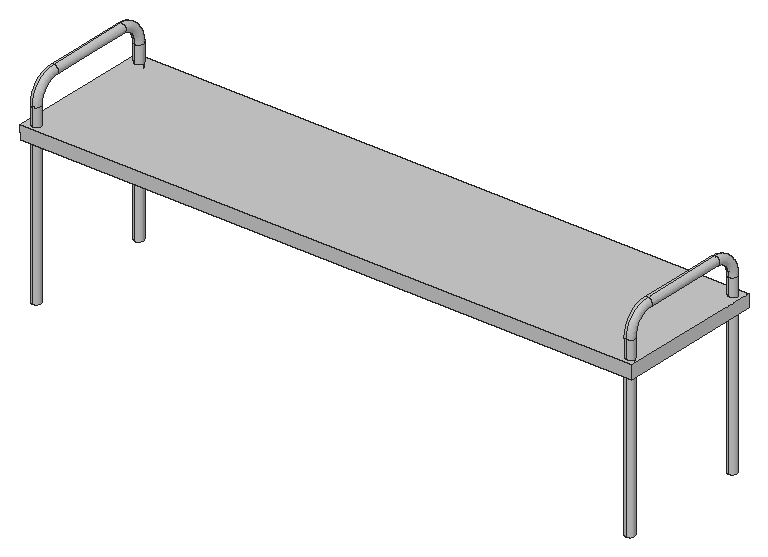
Revit family "QF_INOMAK_RE314_250610095159", category Specialty Equipment, Revit 2021
Family settings
  Round Connector Dimension = Use Diameter
  Part Type = Normal
  OmniClass Number = 23.40.40.14
  OmniClass Title = Food Service Equipment
  Work Plane-Based = No
  Always vertical = Yes
  Cut with Voids When Loaded = No
  Shared = No
  Room Calculation Point = No
Parameters (values of type "RE314")
  Weight [instance] = 7.50 kg
  Warranty Start Date [instance] = ""
  Warranty Duration [instance] = ""
  URL Recommended Spares List [instance] = ""
  URL Manufacturer [instance] = ""
  URL Cutsheet [instance] = ""
  URL Critical Spares List [instance] = ""
  URL = "www.inomak.com"
  Technical Documentation [instance] = ""
  Tag Number [instance] = ""
  Status [instance] = ""
  Specification by User [instance] = ""
  Specification by Manufacturer [instance] = ""
  Sound Level [instance] = ""
  Show Logo [instance] = yes
  Show Clearances [instance] = yes
  Service Life Duration [instance] = ""
  Serial Number [instance] = ""
  Seismic Rating [instance] = ""
  SMACNA No [instance] = ""
  Revision Code [instance] = ""
  Revision [instance] = ""
  Production Year [instance] = ""
  Point Load [instance] = 0
  Other Equipment Approvals [instance] = ""
  NAFEM Spec ID Number [instance] = ""
  Model Warning [instance] = ""
  Model = "RE314"
  Masterspec [instance] = ""
  Manufacturer = "INOMAK"
  Length Actual [instance] = 1392 mm
  Item Number [instance] = ""
  Installed By [instance] = ""
  Installation Date [instance] = ""
  Identify Quantity as Lot [instance] = no
  ID [instance] = ""
  Hygiene Approval [instance] = ""
  Height Actual [instance] = 462 mm
  Furnished By [instance] = ""
  Foodservice Equipment Identifier [instance] = no
  ETL Approved [instance] = no
  Description = "TOP FITTED SINGLE SHELF"
  Depth Actual [instance] = 332 mm
  Default Elevation = 0 mm
  Cost = 0
  CSI MasterFormat [instance] = ""
  CE Approved [instance] = no
  Barcode [instance] = 0
  Author [instance] = ""
  Asset Identifier [instance] = ""
  Accessory [instance] = no
Reference planes
  plane 1 "Center (Front/Back)": y = 0
  plane 2: z = 0
  plane 3 "Center (Left/Right)": x = 0
Dimensions and locks
  aligned and locked: level to plane 2
Nested families
  nested 1: "QF_INOMAK_GANTRIES_SINGLE_SHELF_2920" at (0, 0, 0), type "RE314"
    with Weight 7.50 kg, Warranty Start Date "", Warranty Duration "", URL Cutsheet "", Technical Documentation "", Tag Number "", Status "", Specification by User "", Specification by Manufacturer "", Sound Level "", Solid Fuel Type "", Show Logo yes, Show Clearances yes, Service Life Duration "", Serial Number "", Seismic Rating "", SMACNA No "", Revision Code "", Revision "", Production Year "", Point Load 0, Other Equipment Approvals "", NAFEM Spec ID Number "", Model Warning "", Masterspec "", Length Actual 1392 mm, Item Number "", Installed By "", Installation Date "", Identify Quantity as Lot yes, ID "", Hygiene Approval "", Height Actual 462 mm, Furnished By "", Foodservice Equipment Identifier yes, ETL Approved yes, Depth Actual 332 mm, CSI MasterFormat "", CE Approved yes, Barcode "", Author "", Asset Identifier "", Accessory no
Definition of nested family "QF_INOMAK_GANTRIES_SINGLE_SHELF_2920"
  Parameters (values of type "RE318")
    Weight [instance] = 0.00 kg
    Warranty Start Date [instance] = ""
    Warranty Duration [instance] = ""
    URL Cutsheet [instance] = ""
    URL = "www.inomak.com"
    Technical Documentation [instance] = ""
    Tag Number [instance] = ""
    Status [instance] = ""
    Specification by User [instance] = ""
    Specification by Manufacturer [instance] = ""
    Sound Level [instance] = ""
    Solid Fuel Type [instance] = ""
    Show Logo [instance] = yes
    Show Clearances [instance] = yes
    Service Life Duration [instance] = ""
    Serial Number [instance] = ""
    Seismic Rating [instance] = ""
    SMACNA No [instance] = ""
    Revision Code [instance] = ""
    Revision [instance] = ""
    Production Year [instance] = ""
    Point Load [instance] = 0
    Other Equipment Approvals [instance] = ""
    NAFEM Spec ID Number [instance] = ""
    Model Warning [instance] = ""
    Model = "RE318"
    Masterspec [instance] = ""
    Manufacturer = "INOMAK"
    Length Actual [instance] = 1792 mm
    Item Number [instance] = ""
    Installed By [instance] = ""
    Installation Date [instance] = ""
    Identify Quantity as Lot [instance] = yes
    ID [instance] = ""
    Hygiene Approval [instance] = ""
    Height Actual [instance] = 462 mm
    Furnished By [instance] = ""
    Foodservice Equipment Identifier [instance] = yes
    ETL Approved [instance] = yes
    Description = "TOP FITTED SINGLE SHELF"
    Depth Actual [instance] = 332 mm
    Default Elevation = 0 mm
    CSI MasterFormat [instance] = ""
    CE Approved [instance] = yes
    Barcode [instance] = ""
    Author [instance] = ""
    Asset Identifier [instance] = ""
    Assembly Code = "E1090320"
    Accessory [instance] = yes
  Types (5, lengths in mm): name | Model | Length Actual
    RE311 | "RE311" | 1092
    RE314 | "RE314" | 1392
    RE316 | "RE316" | 1592
    RE318 | "RE318" | 1792
    RE319 | "RE319" | 1892
  Reference planes
    plane 1 "Back": y = 0
    plane 2: z = 0
    plane 3 "Left": x = 0
    plane 4 "Right": x = 1792
    plane 5 "Front": y = -332
    plane 6 "Top": z = 462
    plane 7: z = 362
  Forms (mm)
    Extrusion 1, solid
      sketch origin (0, 0, 362) x (0, 1, 0) y (-1, 0, 0)
        loop
          line (0, 0) -> (-332, 0) -> (-332, -1792) -> (0, -1792) -> (0, 0)
      from 0 to -30
    Sweep 2, solid
      path origin (0, 0, 0) x (0, 1, 0) y (0, 0, 1)
        loop
          line (-20, 0) -> (-20, 402)
          arc (-20, 402) -> (-34.645, 437.355) -> (-70, 452) r 50
          line (-70, 452) -> (-262, 452)
          arc (-262, 452) -> (-297.355, 437.355) -> (-312, 402) r 50
          line (-312, 402) -> (-312, 0)
      profile origin (0, -20, 201) x (0, -1, 0) y (1, 0, 0)
        loop
          circle (0, 20) r 10
    Sweep 3, solid
      path origin (1792, -1434.717, 4000) x (0, -1, 0) y (0, 0, 1)
        loop
          line (-1414.717, -4000) -> (-1414.717, -3598)
          arc (-1414.717, -3598) -> (-1400.073, -3562.645) -> (-1364.717, -3548) r 50
          line (-1364.717, -3548) -> (-1172.717, -3548)
          arc (-1172.717, -3548) -> (-1137.362, -3562.645) -> (-1122.717, -3598) r 50
          line (-1122.717, -3598) -> (-1122.717, -4000)
      profile origin (1792, -20, 201) x (0, 1, 0) y (-1, 0, 0)
        loop
          circle (0, 20) r 10
  Lines and regions (mm)
    symbolic lines
      curve 1: line (0, 0, 0) -> (1792, 0, 0)
      curve 2: line (0, -332, 0) -> (0, 0, 0)
      curve 3: line (1792, -332, 0) -> (0, -332, 0)
      curve 4: line (1792, 0, 0) -> (1792, -332, 0)
      curve 5: arc (10, -20, 0) -> (20, -10, 0) -> (30, -20, 0) r 10
      curve 6: arc (10, -312, 0) -> (20, -322, 0) -> (30, -312, 0) r 10
      curve 7: line (30, -312, 0) -> (30, -20, 0)
      curve 8: line (10, -20, 0) -> (10, -312, 0)
      curve 9: arc (1782, -20, 0) -> (1772, -10, 0) -> (1762, -20, 0) r 10
      curve 10: arc (1782, -312, 0) -> (1772, -322, 0) -> (1762, -312, 0) r 10
      curve 11: line (1762, -312, 0) -> (1762, -20, 0)
      curve 12: line (1782, -20, 0) -> (1782, -312, 0)
  Dimensions and locks
    "Length Actual": plane 3 "Left" to plane 4 "Right"
    "Depth Actual": plane 5 "Front" to plane 1 "Back"
    "Height Actual": plane 6 "Top" to plane 2
    locked: plane 6 "Top" to plane 7 at 100
    aligned and locked: level to plane 2
  Automatic sketch dimensions
    Sweep 2 sketch curve to level = 0 mm  (x2)
    plane 5 "Front" to Sweep 2 sketch curve = 20 mm
    Sweep 2 sketch curve to plane 6 "Top" = 10 mm
    plane 5 "Front" to Sweep 2 sketch curve = 70 mm
    plane 1 "Back" to Sweep 2 sketch curve = 70 mm
    plane 1 "Back" to Sweep 2 sketch curve = 20 mm
    Sweep 2 sketch curve to profile plane = 0 mm
    plane 3 "Left" to Sweep 2 sketch curve = 20 mm
    profile plane to Sweep 3 sketch curve = 0 mm
    profile plane to Sweep 3 sketch curve = 20 mm
    Sweep 3 sketch curve to level = 0 mm  (x2)
    plane 1 "Back" to Sweep 3 sketch curve = 20 mm
    Sweep 3 sketch curve to Sweep 3 sketch curve = 50 mm
    plane 5 "Front" to Sweep 3 sketch curve = 70 mm
    plane 5 "Front" to Sweep 3 sketch curve = 20 mm
    Sweep 3 sketch curve to plane 6 "Top" = 60 mm
    Extrusion 1 sketch curve to plane 3 "Left" = 0 mm
    Extrusion 1 sketch curve to plane 5 "Front" = 0 mm
    plane 1 "Back" to Extrusion 1 sketch curve = 0 mm
    Extrusion 1 sketch curve to plane 4 "Right" = 0 mm
    curve 3 to plane 3 "Left" = 0 mm
    curve 3 to plane 4 "Right" = 0 mm
    curve 3 to plane 5 "Front" = 0 mm
    plane 1 "Back" to curve 2 = 0 mm
    plane 3 "Left" to curve 8 = 10 mm
    curve 6 to curve 6 = 10 mm
    plane 4 "Right" to curve 11 = 30 mm
    curve 9 to curve 9 = 10 mm
    plane 5 "Front" to curve 11 = 20 mm
    plane 5 "Front" to curve 7 = 20 mm
    plane 1 "Back" to curve 7 = 20 mm
    plane 1 "Back" to curve 9 = 20 mm
    radius of Sweep 2 sketch curve = 10 mm
    radius of Sweep 3 sketch curve = 10 mm
